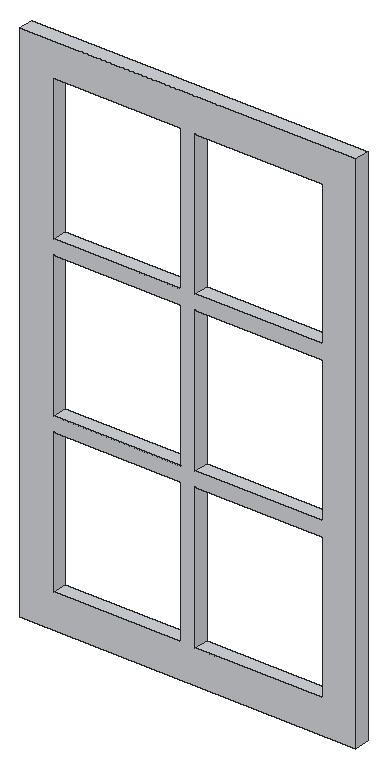
Revit family "windowPanel", category Generic Models, Revit 2022
Family settings
  Can host rebar = No
  Round Connector Dimension = Use Diameter
  Part Type = Normal
  Work Plane-Based = No
  Always vertical = Yes
  Cut with Voids When Loaded = No
  Maintain Annotation Orientation = No
  Shared = No
  Room Calculation Point = No
Parameters
  miniframeWidth [instance] = 30 mm
  frameWidth [instance] = 70 mm
  frameThickness = 30 mm
  Width [instance] = 700 mm
  Height [instance] = 1100 mm
  Default Elevation = 0 mm
Reference planes
  plane 1 "Center (Front/Back)": y = 0
  plane 2: z = 0
  plane 3 "Center (Left/Right)": x = 0
  plane 4: z = 550
  plane 5: z = 1100
  plane 6: z = 715
  plane 7: z = 385
  plane 8: z = 730
  plane 9: z = 700
  plane 10: z = 400
  plane 11: z = 370
  plane 12: z = 1045
  plane 13: z = 1060
  plane 14: z = 1030
  plane 15: z = 55
  plane 16: z = 70
  plane 17: z = 40
  plane 18: x = 350
  plane 19: x = -350
  plane 20: x = 280
  plane 21: x = -280
  plane 22: x = -15
  plane 23: x = 15
  plane 24: y = -15
  plane 25: y = -30
Forms (mm)
  Extrusion 1, solid
    sketch origin (0, 0, 0) x (1, 0, 0) y (0, 0, 1)
      loop
        line (-350, 0) -> (350, 0) -> (350, 1100) -> (-350, 1100) -> (-350, 0)
      loop
        line (-280, 1030) -> (-280, 730) -> (-15, 730) -> (-15, 1030) -> (-280, 1030)
      loop
        line (-280, 70) -> (-15, 70) -> (-15, 370) -> (-280, 370) -> (-280, 70)
      loop
        line (280, 1030) -> (15, 1030) -> (15, 730) -> (280, 730) -> (280, 1030)
      loop
        line (-280, 400) -> (-15, 400) -> (-15, 700) -> (-280, 700) -> (-280, 400)
      loop
        line (15, 70) -> (280, 70) -> (280, 370) -> (15, 370) -> (15, 70)
      loop
        line (280, 700) -> (15, 700) -> (15, 400) -> (280, 400) -> (280, 700)
    from 0 to 30
Dimensions and locks
  equal spacing: plane 12, plane 6, plane 7, plane 15
  equal spacing: plane 13, plane 12, plane 14
  "miniframeWidth": plane 13 to plane 14
  equal spacing: plane 8, plane 6, plane 9
  "miniframeWidth": plane 8 to plane 9
  equal spacing: plane 10, plane 7, plane 11
  "miniframeWidth": plane 10 to plane 11
  equal spacing: plane 16, plane 15, plane 17
  "miniframeWidth": plane 16 to plane 17
  equal spacing: plane 5, plane 4, plane 2
  "Height": plane 5 to plane 2
  equal spacing: plane 18, plane 3 "Center (Left/Right)", plane 19
  "Width": plane 18 to plane 19
  "frameWidth": plane 5 to plane 14
  "frameWidth": plane 16 to plane 2
  "frameWidth": plane 18 to plane 20
  "frameWidth": plane 21 to plane 19
  equal spacing: plane 23, plane 3 "Center (Left/Right)", plane 22
  "miniframeWidth": plane 23 to plane 22
  equal spacing: plane 25, plane 24, plane 1 "Center (Front/Back)"
  "frameThickness": plane 25 to plane 1 "Center (Front/Back)"
  aligned and locked: level to plane 2
  aligned and locked: Extrusion 1 sketch curve to plane 2
  aligned and locked: Extrusion 1 sketch curve to plane 19
  aligned and locked: Extrusion 1 sketch curve to plane 21  (x3)
  aligned and locked: Extrusion 1 sketch curve to plane 22  (x3)
  aligned and locked: Extrusion 1 sketch curve to plane 16
  aligned and locked: Extrusion 1 sketch curve to plane 20  (x3)
  aligned and locked: Extrusion 1 sketch curve to plane 18
  aligned and locked: Extrusion 1 sketch curve to plane 11  (x2)
  aligned and locked: Extrusion 1 sketch curve to plane 10  (x2)
  aligned and locked: Extrusion 1 sketch curve to plane 9  (x2)
  aligned and locked: Extrusion 1 sketch curve to plane 8  (x2)
  aligned and locked: Extrusion 1 sketch curve to plane 14  (x2)
  aligned and locked: Extrusion 1 sketch curve to plane 5
  aligned and locked: Extrusion 1 sketch curve to plane 23  (x3)
  aligned and locked: Extrusion 1 to plane 1 "Center (Front/Back)"
  aligned and locked: Extrusion 1 to plane 25
Automatic sketch dimensions
  Extrusion 1 sketch curve to plane 16 = 0 mm
